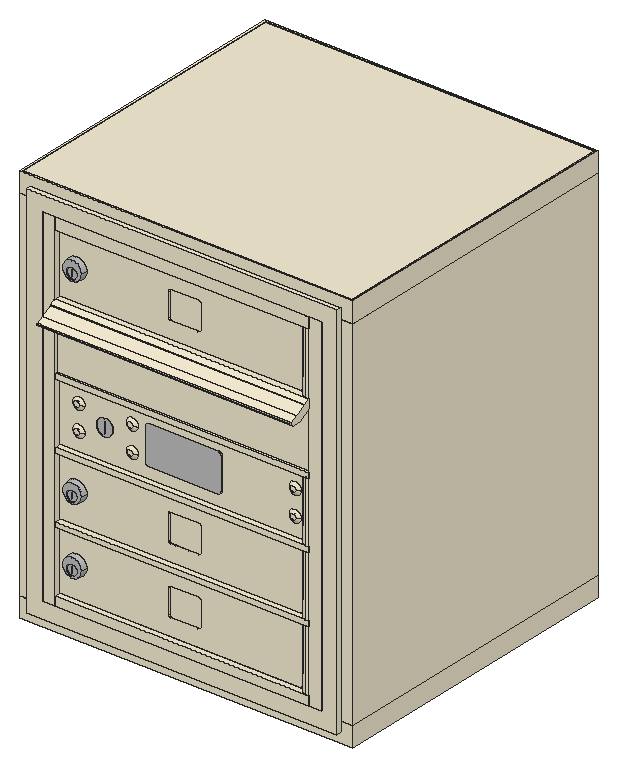
Revit family "Mailboxes_4C-Salsbury_Industries-Surface_Mounted-5_Door_High_Units", category Specialty Equipment, Revit 2016
Family settings
  Part Type = Normal
  Round Connector Dimension = Use Diameter
  OmniClass Number = 23.40.90.14.11
  OmniClass Title = Mail Boxes
  Work Plane-Based = No
  Always vertical = Yes
  Cut with Voids When Loaded = No
  Shared = No
  Room Calculation Point = No
Parameters (values of type "3805S-03")
  Width = 17.496"
  Visible Door Number [instance] = yes
  Version = "1.0 (06/30/17)"
  URL = "www.mailboxes.com"
  Type Comments = "Surface Mounted 4C Horizontal Mailboxes - Front Loading"
  OmniClass 23 Title = "Mail Boxes"
  OmniClass 23 Number = "23.40.90.14.11"
  Model = "3805S-03"
  MasterFormat Title = "Postal Specialties"
  MasterFormat Number = "10 55 00"
  Manufacturer = "Salsbury Industries"
  Lock Material = Stainless Steel - Salsbury Finish -  Polished
  Height = 21.094"
  Front Panel Material [instance] = Paint - Salsbury Finish - Sandstone
  Door Slot R5 Number [instance] = "3"
  Door Slot R4 Number [instance] = "2"
  Door Slot R3 Number [instance] = "0"
  Door Slot R2 Number [instance] = "0"
  Door Slot R1 Number [instance] = "1"
  Door Slot L5 Number [instance] = "0"
  Door Slot L4 Number [instance] = "0"
  Door Slot L3 Number [instance] = "0"
  Door Slot L2 Number [instance] = "0"
  Door Slot L1 Number [instance] = "0"
  Description = "5 Door High Unit:  3 MB1, OM2"
  Depth = 17.500"
  Assembly Description = "Mailboxes"
  Assembly Code = "C1030910"
  Above Finished Floor (Top of Bottom Shelf) [instance] = [Above Finished Floor (Bottom of Unit)] + 1.880"  # 28.000"
  Above Finished Floor (Bottom of Unit) = 26.120"
  4C Unit Height = 20.000"
  4C Unit Elevation = if([Above Finished Floor (Bottom of Unit)] < 13.683", [Above Finished Floor (Bottom of Unit)] + 0.563", (if([Above Finished Floor (Bottom of Unit)] > 13.683", [Above Finished Floor (Bottom of Unit)] + 0.563", [Above Finished Floor (Bottom of Unit)])))  # 26.683"
  4C Unit = Mailboxes_4C-Salsbury_Industries-Front_Load-5_Door_High_Units : 3705S-03 FL
Reference planes (in)
  plane 1 "Center (Front/Back)": y = 0
  plane 2 "Floor": z = 0
  plane 3 "Center (Left/Right)": x = 0
  plane 4 "Left Side of Unit": x = 8.748
  plane 5 "Right Side of Unit": x = -8.748
  plane 6 "Front of Unit": y = -8.75
  plane 7 "Back of Unit": y = 8.75
  plane 8 "Top of Unit": z = 47.214
  plane 9 "Top Trim Line of 4C Unit": z = 46.683
  plane 10 "Left Trim Line of Enclosure": x = 7.6855
  plane 11 "Right Trim Line of Enclosure": x = -7.685
  plane 12 "Alignment of 4C Unit": y = -7.375
  plane 13: x = -8.667
  plane 14: x = 8.667
  plane 15: y = 8.669
  plane 16: y = -7.294
  plane 17: x = -8.667
  plane 18: x = 8.667
  plane 19: y = -7.294
  plane 20: y = 8.669
  plane 21: x = -8.667
  plane 22: x = 8.667
  plane 23: y = 8.669
  plane 24: y = -7.294
  plane 25 "Bottom Trim Line of 4C Unit": z = 26.683
  plane 26 "4C Unit Side Alignment": x = -8.186
  plane 27: z = 26.201
  plane 28 "Bottom of Unit": z = 26.12
  plane 29 "Top of Bottom Cap": z = 27.183
  plane 30 "AFF": z = 28
  plane 31: z = 47.133
  plane 32 "Bottom of Top Cap": z = 46.152
Forms (in)
  Extrusion 1, solid, material "Paint - Salsbury Finish - Sandstone" <- "Front Panel Material"
    sketch origin (0, 0, 1.5) x (0, 1, 0) y (-1, 0, 0)
      loop
        line (-7.375, 7.685) -> (-7.294, 7.685) -> (-7.294, 8.667) -> (8.669, 8.667) -> (8.669, -8.667) -> (-7.294, -8.667) -> (-7.294, -7.6855) -> (-7.375, -7.6855) -> (-7.375, -8.748) -> (8.75, -8.748) -> (8.75, 8.748) -> (-7.375, 8.748) -> (-7.375, 7.685)
    from 25.683 to 44.652
  Extrusion 2, solid, material "Paint - Salsbury Finish - Sandstone" <- "Front Panel Material"
    sketch origin (0, 0, 26.12) x (0, -1, 0) y (1, 0, 0)
      loop
        line (-8.75, -8.748) -> (7.375, -8.748) -> (7.375, 8.748) -> (-8.75, 8.748) -> (-8.75, -8.748)
      loop
        line (-8.669, -8.667) -> (7.294, -8.667) -> (7.294, 8.667) -> (-8.669, 8.667) -> (-8.669, -8.667)
    from 0 to 1.063
  Extrusion 3, solid, material "Paint - Salsbury Finish - Sandstone" <- "Front Panel Material"
    sketch origin (0, 0, 26.12) x (0, -1, 0) y (1, 0, 0)
      loop
        line (-8.669, -8.667) -> (7.294, -8.667) -> (7.294, 8.667) -> (-8.669, 8.667) -> (-8.669, -8.667)
    from 0 to 0.081
  Extrusion 4, solid, material "Paint - Salsbury Finish - Sandstone" <- "Front Panel Material"
    sketch origin (0, 0, 47.214) x (0, -1, 0) y (1, 0, 0)
      loop
        line (-8.669, -8.667) -> (7.294, -8.667) -> (7.294, 8.667) -> (-8.669, 8.667) -> (-8.669, -8.667)
    from -0.081 to 0
  Extrusion 5, solid, material "Paint - Salsbury Finish - Sandstone" <- "Front Panel Material"
    sketch origin (0, 0, 46.152) x (0, -1, 0) y (1, 0, 0)
      loop
        line (-8.75, -8.748) -> (7.375, -8.748) -> (7.375, 8.748) -> (-8.75, 8.748) -> (-8.75, -8.748)
      loop
        line (-8.669, -8.667) -> (7.294, -8.667) -> (7.294, 8.667) -> (-8.669, 8.667) -> (-8.669, -8.667)
    from 0 to 1.062
Lines and regions (in)
  symbolic lines
    curve 1: line (-8.748, 8.75, 0) -> (8.748, 8.75, 0)
    curve 2: line (-8.748, -7.375, 0) -> (-8.748, 8.75, 0)
    curve 3: line (8.748, -7.375, 0) -> (-8.748, -7.375, 0)
    curve 4: line (8.748, 8.75, 0) -> (8.748, -7.375, 0)
    curve 5: line (0, -7.375, 46.68373) -> (0, 8.75, 46.68373)
    curve 6: line (0, -7.375, 27.183) -> (0, 8.75, 27.183)
    curve 7: line (0, 8.75, 32.76571) -> (0, 8.75, 46.68373)
    curve 8: arc (0, 8.75, 32.76571) -> (0, 8.72754, 32.83373) -> (0, 8.669, 32.875) r 0.11423
    curve 9: line (-8.748, 0, 47.214) -> (8.748, 0, 47.214)
    curve 10: line (-8.748, 0, 26.12) -> (-8.748, 0, 47.214)
    curve 11: line (8.748, 0, 26.12) -> (-8.748, 0, 26.12)
    curve 12: line (8.748, 0, 47.214) -> (8.748, 0, 26.12)
    curve 13: line (0, -7.375, 47.214) -> (0, 8.75, 47.214)
    curve 14: line (0, -7.375, 26.12) -> (0, -7.375, 47.214)
    curve 15: line (0, 8.75, 26.12) -> (0, -7.375, 26.12)
    curve 16: line (0, 8.75, 47.214) -> (0, 8.75, 26.12)
Dimensions and locks (in)
  equal spacing: plane 6 "Front of Unit", plane 1 "Center (Front/Back)", plane 7 "Back of Unit"
  "Depth": plane 6 "Front of Unit" to plane 7 "Back of Unit"
  equal spacing: plane 5 "Right Side of Unit", plane 3 "Center (Left/Right)", plane 4 "Left Side of Unit"
  "Width": plane 5 "Right Side of Unit" to plane 4 "Left Side of Unit"
  plane 2 "Floor" to plane 8 "Top of Unit" = 47.214"  (x2)
  locked: plane 5 "Right Side of Unit" to plane 11 "Right Trim Line of Enclosure" at 1.063
  locked: plane 10 "Left Trim Line of Enclosure" to plane 4 "Left Side of Unit" at 1.0625
  plane 9 "Top Trim Line of 4C Unit" to plane 8 "Top of Unit" = 0.531"  (x2)
  plane 6 "Front of Unit" to plane 12 "Alignment of 4C Unit" = 1.375"
  plane 5 "Right Side of Unit" to plane 13 = 0.081"
  plane 15 to plane 7 "Back of Unit" = 0.081"
  plane 14 to plane 4 "Left Side of Unit" = 0.081"
  plane 12 "Alignment of 4C Unit" to plane 16 = 0.081"
  plane 20 to plane 7 "Back of Unit" = 0.081"
  plane 5 "Right Side of Unit" to plane 17 = 0.081"
  plane 18 to plane 4 "Left Side of Unit" = 0.081"
  plane 12 "Alignment of 4C Unit" to plane 19 = 0.081"
  plane 12 "Alignment of 4C Unit" to plane 24 = 0.081"
  plane 22 to plane 4 "Left Side of Unit" = 0.081"
  plane 5 "Right Side of Unit" to plane 21 = 0.081"
  plane 23 to plane 7 "Back of Unit" = 0.081"
  "Height": plane 8 "Top of Unit" to plane 28 "Bottom of Unit"
  "4C Unit Height": plane 9 "Top Trim Line of 4C Unit" to plane 25 "Bottom Trim Line of 4C Unit"
  plane 29 "Top of Bottom Cap" to plane 25 "Bottom Trim Line of 4C Unit" to plane 27 to plane 28 "Bottom of Unit" = 0.500", 0.482", 0.081" locked
  "Above Finished Floor (Bottom of Unit)": plane 28 "Bottom of Unit" to plane 2 "Floor"
  "Above Finished Floor (Top of Bottom Shelf)": plane 30 "AFF" to plane 2 "Floor"
  plane 8 "Top of Unit" to plane 31 to plane 9 "Top Trim Line of 4C Unit" to plane 32 "Bottom of Top Cap" = 0.081", 0.450", 0.531"
  plane 5 "Right Side of Unit" to plane 26 "4C Unit Side Alignment" = 0.562"
  aligned and locked: level to plane 2 "Floor"
  aligned and locked: Extrusion 2 sketch curve to Extrusion 1  (x4)
  aligned and locked: Extrusion 3 sketch curve to Extrusion 1  (x3)
  aligned and locked: plane 11 "Right Trim Line of Enclosure" to Extrusion 1 sketch curve
  aligned and locked: Extrusion 1 sketch curve to plane 16
  aligned and locked: Extrusion 1 sketch curve to plane 12 "Alignment of 4C Unit"  (x2)
  aligned and locked: Extrusion 1 sketch curve to plane 5 "Right Side of Unit"
  aligned and locked: plane 13 to Extrusion 1 sketch curve
  aligned and locked: Extrusion 1 sketch curve to plane 15
  aligned and locked: plane 7 "Back of Unit" to Extrusion 1 sketch curve
  aligned and locked: plane 4 "Left Side of Unit" to Extrusion 1 sketch curve
  aligned and locked: Extrusion 1 sketch curve to plane 14
  aligned and locked: plane 16 to Extrusion 1 sketch curve
  aligned and locked: plane 10 "Left Trim Line of Enclosure" to Extrusion 1 sketch curve
  aligned and locked: plane 18 to Extrusion 2 sketch curve
  aligned and locked: Extrusion 2 sketch curve to plane 17
  aligned and locked: plane 20 to Extrusion 2 sketch curve
  aligned and locked: curve 1 to Extrusion 1
  aligned and locked: curve 2 to Extrusion 1
  aligned and locked: curve 4 to Extrusion 1
  aligned and locked: plane 12 "Alignment of 4C Unit" to Extrusion 1
  aligned and locked: Extrusion 1 to curve 6
  aligned and locked: plane 7 "Back of Unit" to curve 6
  aligned and locked: plane 12 "Alignment of 4C Unit" to curve 6
  aligned and locked: plane 28 "Bottom of Unit" to Extrusion 3
  aligned and locked: Extrusion 2 to Extrusion 3
  aligned and locked: Extrusion 2 to plane 29 "Top of Bottom Cap"
  aligned and locked: Extrusion 3 to plane 27
  aligned and locked: Extrusion 1 to Extrusion 2
  aligned and locked: Extrusion 4 to plane 8 "Top of Unit"
  aligned and locked: plane 31 to Extrusion 4
  aligned and locked: Extrusion 1 to Extrusion 4
  aligned and locked: plane 21 to Extrusion 4
  aligned and locked: Extrusion 1 to plane 32 "Bottom of Top Cap"
  aligned and locked: Extrusion 5 sketch curve to Extrusion 1  (x6)
  aligned and locked: Extrusion 5 sketch curve to Extrusion 2  (x2)
  aligned and locked: Extrusion 5 to plane 8 "Top of Unit"
  aligned and locked: Extrusion 5 to Extrusion 1
  aligned and locked: plane 26 "4C Unit Side Alignment" to nested 1
  aligned and locked: curve 11 to plane 28 "Bottom of Unit"
  aligned and locked: plane 4 "Left Side of Unit" to curve 12
  aligned and locked: curve 10 to plane 5 "Right Side of Unit"
  aligned and locked: plane 8 "Top of Unit" to curve 9
  aligned and locked: plane 7 "Back of Unit" to curve 16
  aligned and locked: curve 15 to plane 28 "Bottom of Unit"
  aligned and locked: plane 8 "Top of Unit" to curve 13
  aligned and locked: curve 14 to plane 12 "Alignment of 4C Unit"
Automatic sketch dimensions
  plane 12 "Alignment of 4C Unit" to curve 3 = 0.000"
  plane 24 to Extrusion 3 sketch curve = 0.000"
  Extrusion 4 sketch curve to plane 22 = 0.000"
  plane 23 to Extrusion 4 sketch curve = 0.000"
  Extrusion 4 sketch curve to plane 21 = 0.000"
  plane 24 to Extrusion 4 sketch curve = 0.000"
  plane 19 to Extrusion 2 sketch curve = 0.000"
  curve 8 to plane 23 = 0.000"
  curve 8 to plane 7 "Back of Unit" = 0.000"
  plane 23 to curve 8 = 0.03323"
  curve 8 to plane 30 "AFF" = 4.76571"
  curve 5 to plane 9 "Top Trim Line of 4C Unit" = 0.00073"
Nested families (in)
  nested 1: "Mailboxes_4C-Salsbury_Industries-Front_Load-5_Door_High_Units" at (7.36283, -7.375, 0) x (-1, 0, 0) z (0, 0, 1), built-in parameter 1001360 <- "4C Unit Elevation", type <- "4C Unit", Front Panel Material <- "Front Panel Material", Visible Door Number <- "Visible Door Number", Door Slot L1 Number <- "Door Slot L1 Number", Door Slot L2 Number <- "Door Slot L2 Number", Door Slot L3 Number <- "Door Slot L3 Number", Door Slot L4 Number <- "Door Slot L4 Number", Door Slot L5 Number <- "Door Slot L5 Number", Door Slot R1 Number <- "Door Slot R1 Number", Door Slot R2 Number <- "Door Slot R2 Number", Door Slot R3 Number <- "Door Slot R3 Number", Door Slot R4 Number <- "Door Slot R4 Number", Door Slot R5 Number <- "Door Slot R5 Number", type "3705S-03 FL"
    with Visible Door Number yes, Front Panel Material Paint - Salsbury Finish - Sandstone, Door Slot R5 Number "3", Door Slot R4 Number "2", Door Slot R3 Number "0", Door Slot R2 Number "0", Door Slot R1 Number "1", Door Slot L5 Number "0", Door Slot L4 Number "0", Door Slot L3 Number "0", Door Slot L2 Number "0", Door Slot L1 Number "0", built-in parameter 1001320 0.000"
Definition of nested family "Mailboxes_4C-Salsbury_Industries-Front_Load-5_Door_High_Units"
  Parameters (values of type "3705S-03 FL")
    Width = 16.344"
    URL = "www.mailboxes.com"
    OmniClass 23 Title = "Mail Boxes"
    OmniClass 23 Number = "23.40.90.14.11"
    Visible Door Number [instance] = yes
    Vertical Center Divider = no
    Version = "3.0 (06/30/17)"
    Type Comments = "4C Standard Horizontal Mailbox - Front Loading"
    Top Back Plate = yes
    Right Inside Wall = yes
    Model = "3705S-03 FL"
    MasterFormat Title = "Postal Specialties"
    MasterFormat Number = "10 55 00"
    Manufacturer = "Salsbury Industries"
    Mail Door Symbollic = yes
    Lock Material = none
    Left Inside Wall = yes
    Keynote = ""
    Height = 20.000"
    Front Panel Material [instance] = none
    Door Slot R5 Number [instance] = "3"
    Door Slot R5 = 3700 Series 4C Door Configurations : MB1 Door w/ Divider
    Door Slot R4 Number [instance] = "2"
    Door Slot R4 = 3700 Series 4C Door Configurations : MB1 Door w/ Divider
    Door Slot R3 Number [instance] = "0"
    Door Slot R3 = 3700 Series 4C OM2 Configuration : OM2-FL
    Door Slot R2 Number [instance] = "0"
    Door Slot R2 = 3700 Series 4C Door Configurations : Empty
    Door Slot R1 Number [instance] = "1"
    Door Slot R1 = 3700 Series 4C Door Configurations : MB1 Door
    Door Slot L5 Number [instance] = "0"
    Door Slot L5 = 3700 Series 4C Door Configurations : Empty
    Door Slot L4 Number [instance] = "0"
    Door Slot L4 = 3700 Series 4C Door Configurations : Empty
    Door Slot L3 Number [instance] = "0"
    Door Slot L3 = 3700 Series 4C Door Configurations : Empty
    Door Slot L2 Number [instance] = "0"
    Door Slot L2 = 3700 Series 4C Door Configurations : Empty
    Door Slot L1 Number [instance] = "0"
    Door Slot L1 = 3700 Series 4C Door Configurations : Empty
    Description = "5 Door High Unit:  3 MB1, OM2"
    Depth = 17.025"
    Default Elevation [instance] = 48.000"
    Center Extrusion Offset = 0.000"
    Bottom Back Plate = yes
    Back Enclosure Material = none
    Assembly Description = "Mailboxes"
    Assembly Code = "C1030910"
  Types (7): name | Width | Vertical Center Divider | Model | Mail Door Symbollic | Door Slot R5 Number | Door Slot R5 | Door Slot R4 Number | Door Slot R4 | Door Slot R3 | Door Slot R2 | Door Slot R1 Number | Door Slot R1 | Door Slot L5 Number | Door Slot L5 | Door Slot L4 Number | Door Slot L4 | Door Slot L3 Number | Door Slot L3 | Door Slot L2 Number | Door Slot L2 | Door Slot L1 Number | Door Slot L1 | Description
    3705D-08 FL | 31.09766" | yes | "3705D-08 FL" | yes | "8" | 3700 Series 4C Door Configurations : MB1 Door w/ Divider | "7" | 3700 Series 4C Door Configurations : MB1 Door w/ Divider | 3700 Series 4C OM2 Configuration : OM2-FL | 3700 Series 4C Door Configurations : Empty | "6" | 3700 Series 4C Door Configurations : MB1 Door | "5" | 3700 Series 4C Door Configurations : MB1 Door w/ Divider | "4" | 3700 Series 4C Door Configurations : MB1 Door w/ Divider | "3" | 3700 Series 4C Door Configurations : MB1 Door w/ Divider | "2" | 3700 Series 4C Door Configurations : MB1 Door w/ Divider | "1" | 3700 Series 4C Door Configurations : MB1 Door | "5 Door High Unit:  8 MB1, OM2"
    3705S-03 FL | 16.344" | no | "3705S-03 FL" | yes | "3" | 3700 Series 4C Door Configurations : MB1 Door w/ Divider | "2" | 3700 Series 4C Door Configurations : MB1 Door w/ Divider | 3700 Series 4C OM2 Configuration : OM2-FL | 3700 Series 4C Door Configurations : Empty | "1" | 3700 Series 4C Door Configurations : MB1 Door | "0" | 3700 Series 4C Door Configurations : Empty | "0" | 3700 Series 4C Door Configurations : Empty | "0" | 3700 Series 4C Door Configurations : Empty | "0" | 3700 Series 4C Door Configurations : Empty | "0" | 3700 Series 4C Door Configurations : Empty | "5 Door High Unit:  3 MB1, OM2"
    3705D-07 FL | 31.09766" | yes | "3705D-07 FL" | yes | "7" | 3700 Series 4C Door Configurations : MB1 Door w/ Divider | "0" | 3700 Series 4C OM3 Configuration : OM3-FL | 3700 Series 4C Door Configurations : Empty | 3700 Series 4C Door Configurations : Empty | "6" | 3700 Series 4C Door Configurations : MB1 Door | "5" | 3700 Series 4C Door Configurations : MB1 Door w/ Divider | "4" | 3700 Series 4C Door Configurations : MB1 Door w/ Divider | "3" | 3700 Series 4C Door Configurations : MB1 Door w/ Divider | "2" | 3700 Series 4C Door Configurations : MB1 Door w/ Divider | "1" | 3700 Series 4C Door Configurations : MB1 Door | "5 Door High Unit:  7 MB1, OM3"
    3705D-03 FL | 31.09766" | yes | "3705D-03 FL" | yes | "3" | 3700 Series 4C Door Configurations : MB1 Door w/ Divider | "2" | 3700 Series 4C Door Configurations : MB1 Door w/ Divider | 3700 Series 4C OM2 Configuration : OM2-FL | 3700 Series 4C Door Configurations : Empty | "1" | 3700 Series 4C Door Configurations : MB1 Door | "1P" | 3700 Series 4C Parcel Configurations : PL5 | "0" | 3700 Series 4C Door Configurations : Empty | "0" | 3700 Series 4C Door Configurations : Empty | "0" | 3700 Series 4C Door Configurations : Empty | "0" | 3700 Series 4C Door Configurations : Empty | "5 Door High Unit:  3 MB1, 1 PL5, OM2"
    3705D-01 FL | 31.09766" | yes | "3705D-01 FL" | yes | "1" | 3700 Series 4C Door Configurations : MB3 Door w/ Divider | "0" | 3700 Series 4C Door Configurations : Empty | 3700 Series 4C Door Configurations : Empty | 3700 Series 4C OM2 Configuration : OM2-FL | "0" | 3700 Series 4C Door Configurations : Empty | "1P" | 3700 Series 4C Parcel Configurations : PL5 | "0" | 3700 Series 4C Door Configurations : Empty | "0" | 3700 Series 4C Door Configurations : Empty | "0" | 3700 Series 4C Door Configurations : Empty | "0" | 3700 Series 4C Door Configurations : Empty | "5 Door High Unit:  1 MB3, 1 PL5, OM2"
    3705D-2P FL | 31.09766" | yes | "3705D-2P FL" | no | "2P" | 3700 Series 4C Parcel Configurations : PL5 | "0" | 3700 Series 4C Door Configurations : Empty | 3700 Series 4C Door Configurations : Empty | 3700 Series 4C Door Configurations : Empty | "0" | 3700 Series 4C Door Configurations : Empty | "1P" | 3700 Series 4C Parcel Configurations : PL5 | "0" | 3700 Series 4C Door Configurations : Empty | "0" | 3700 Series 4C Door Configurations : Empty | "0" | 3700 Series 4C Door Configurations : Empty | "0" | 3700 Series 4C Door Configurations : Empty | "5 Door High Unit:  2 PL5"
    3705S-1P FL | 16.344" | no | "3705S-1P FL" | no | "1P" | 3700 Series 4C Parcel Configurations : PL5 | "0" | 3700 Series 4C Door Configurations : Empty | 3700 Series 4C Door Configurations : Empty | 3700 Series 4C Door Configurations : Empty | "0" | 3700 Series 4C Door Configurations : Empty | "0" | 3700 Series 4C Door Configurations : Empty | "0" | 3700 Series 4C Door Configurations : Empty | "0" | 3700 Series 4C Door Configurations : Empty | "0" | 3700 Series 4C Door Configurations : Empty | "0" | 3700 Series 4C Door Configurations : Empty | "5 Door High Unit:  1 PL5"
  Reference planes (in)
    plane 1 "Wall Centerline": y = -3
    plane 2 "Center (Left/Right)": x = 0
    plane 3 "Front": y = 0
    plane 4 "15" AFF": z = 28
    plane 5 "28" AFF": z = 28
    plane 6 "36" AFF": z = 36
    plane 7 "48" AFF": z = 48
    plane 8 "Bottom of Unit": z = 26.683
    plane 9 "Top of Unit": z = 46.683
    plane 10 "Left Side of Unit": x = 15.54883
    plane 11 "Right Side of Unit": x = -0.79517
    plane 12 "28" AFF_Bottom of Unit": z = 26.683
    plane 13 "Top Horiz Trim Align": z = 45.85225
    plane 14 "Bottom Horiz Trim Align": z = 27.515
    plane 15 "Left Trim Align": x = 14.716
    plane 16 "Right Trim Align": x = 0.03766
    plane 17 "Left Door Align": x = 14.06641
    plane 18 "Right Door Align": x = 0.68725
    plane 19 "Top Horiz Door Align": z = 45.26125
    plane 20 "Bottom Horiz Door Align": z = 28
    plane 21 "Front Face of Unit": y = 0.265
    plane 22 "Top Housing Align": z = 46.179
    plane 23 "Top Collar Align": z = 46.031
    plane 24 "Top Box Align": z = 45.676
    plane 25 "Vertical Housing Align": y = -1.205
    plane 26 "Vertical Collar Align": y = -2.205
    plane 27 "Back of Unit": y = -16.76
    plane 28 "Bottom Housing Align": z = 27.187
    plane 29 "Bottom Collar Align": z = 27.335
    plane 30 "Bottom Box Align": z = 27.75
    plane 31 "Door Alignment": y = -0.33191
    plane 32 "Right Housing Align": x = -0.08817
    plane 33 "Right Collar Align": x = 1.34483
    plane 34 "Right Box Side Align": x = 1.67283
    plane 35 "Left Housing Align": x = 14.84183
    plane 36 "Left Collar Align": x = 13.40883
    plane 37 "Left Side Box Align": x = 13.08083
    plane 38 "Top Back Plate Align": z = 44.897
    plane 39 "Bottom Back Plate Align": z = 28.499
    plane 40 "Back": y = -6
    plane 41 "RO Left Side": x = 15.17383
    plane 42 "RO Right Side": x = -0.42017
    plane 43 "RO Bottom": z = 27.058
    plane 44 "RO Top": z = 46.308
    plane 45 "Horiz Centerline": z = 42.04237
    plane 46: z = 27.885
    plane 47: x = 12.99983
    plane 48: x = 12.92758
    plane 49 "Center Extrusion": x = 0
    plane 50 "Center Extrusion Offset": x = 0
    plane 51 "Row 5 Top Align": z = 31.5
    plane 52 "Row 4 Top Align": z = 35
    plane 53 "Row 3 Top Align": z = 38.5
    plane 54 "Row 2 Top Align": z = 42
    plane 55 "Row 16 Top Align-Private": z = 31.5
    plane 56 "Row 15 Top Align-Private": z = 35
    plane 57 "Row 14 Top Align-Private": z = 38.5
    plane 58 "Row 13 Top Align-Private": z = 42
    plane 59 "Row 12 Top Align-Private": z = 45.5
    plane 60 "Row 11 Top Align-Private": z = 49
    plane 61 "Row 10 Top Align-Private": z = 52.25
    plane 62 "Row 9 Top Align-Private": z = 55.75
    plane 63 "Row 8 Top Align-Private": z = 59.25
    plane 64 "Top of Face Gap": z = 61.25
    plane 65 "Top Latch Align": z = 37.376
    plane 66 "Bottom Latch Align": z = 36.05
    plane 67 "Right Latch Align": x = -0.69183
    plane 68 "Left Latch Align": x = 0.69098
    plane 69 "Latch Alignment Edge": x = -0.79517
    plane 70: x = -12.92783
    plane 71: x = -12.99983
    plane 72: y = -16.84203
    plane 73: x = -2
    plane 74: x = -0.7705
    plane 75: x = 0.7705
    plane 76: x = 2
    plane 77: y = -16.67797
    plane 78: x = -0.69098
    plane 79: x = 0.69183
    plane 80: z = 43.397
    plane 81: z = 29.999
    plane 82: z = 45.31729
    plane 83: z = 28.41625
    plane 84: z = 27.446
    plane 85: z = 28.055
    plane 86: y = -6
    plane 87: x = 14.06183
  Forms (in)
    Extrusion 1, solid, material <- "Front Panel Material"
      sketch origin (0, 0, 0) x (1, 0, 0) y (0, 0, 1)
        loop
          line (15.54883, 46.683) -> (-0.79517, 46.683) -> (-0.79517, 26.683) -> (15.54883, 26.683) -> (15.54883, 46.683)
      from -0.265 to 0
    Extrusion 2, void
      sketch origin (0, 0.265, 0.00774) x (0, 0, -1) y (-1, 0, 0)
        loop
          line (-45.84451, -14.716) -> (-27.50726, -14.716) -> (-27.50726, -0.03766) -> (-45.84451, -0.03766) -> (-45.84451, -14.716)
      from -0.265 to 0
    Extrusion 3, solid, material <- "Front Panel Material"
      sketch origin (14.98214, 0.265, -1.67978) x (0, 0, -1) y (-1, 0, 0)
        loop
          line (-47.53203, 14.94448) -> (-47.53203, 14.29489) -> (-29.19478, 14.29489) -> (-29.19478, 14.94448) -> (-47.53203, 14.94448)
      from 0 to -0.265
    Extrusion 4, solid, material <- "Front Panel Material"
      sketch origin (0, 0.265, 0) x (0, 0, -1) y (-1, 0, 0)
        loop
          line (-27.515, -14.06641) -> (-27.515, -0.68725) -> (-28, -0.68725) -> (-28, -14.06641) -> (-27.515, -14.06641)
      from -0.265 to 0
    Extrusion 5, solid, material <- "Front Panel Material"
      sketch origin (0, 0.265, 0) x (0, 0, -1) y (-1, 0, 0)
        loop
          line (-45.85225, -14.716) -> (-27.515, -14.716) -> (-27.515, -14.06641) -> (-45.85225, -14.06641) -> (-45.85225, -14.716)
      from 0 to -0.265
    Extrusion 6, solid, material <- "Front Panel Material"
      sketch origin (0, 0.265, 0) x (0, 0, -1) y (-1, 0, 0)
        loop
          line (-45.85225, -14.06641) -> (-45.26125, -14.06641) -> (-45.26125, -0.68725) -> (-45.85225, -0.68725) -> (-45.85225, -14.06641)
      from -0.265 to 0
    Extrusion 7, solid, material <- "Front Panel Material", visible <- "Vertical Center Divider"
      sketch origin (-0.77934, 0.265, 0) x (0, 0, 1) y (1, 0, 0)
        loop
          line (45.85225, 1.47033) -> (27.515, 1.47033) -> (27.515, 0.08752) -> (45.85225, 0.08752) -> (45.85225, 1.47033)
      from 0 to -1.47
    Extrusion 8, solid
      sketch origin (0, -6, 60) x (0, 0, 1) y (1, 0, 0)
        loop
          line (-60, -60) -> (60, -60) -> (60, 60) -> (-60, 60) -> (-60, -60)
      from 0 to 6
  Cuts and joins
    Extrusion 2 cuts Extrusion 1
  Lines and regions (in)
    model lines
      curve 1: line (15.54883, 0.265, 46.683) -> (14.716, 0.265, 45.85225)
      curve 2: line (-0.79517, 0.265, 46.683) -> (0.03766, 0.265, 45.85225)
      curve 3: line (-0.79517, 0.265, 26.683) -> (0.03766, 0.265, 27.515)
      curve 4: line (15.54883, 0.265, 26.683) -> (14.716, 0.265, 27.515)
    reference lines
      curve 5: line (0.68725, -0.33191, 26.683) -> (0.68725, -0.33191, 46.683)
      curve 6: line (14.06641, -0.33191, 26.683) -> (14.06641, -0.33191, 46.683)
    symbolic lines
      curve 7: line (-0.79517, 0.265, 28) -> (15.54883, 0.265, 28)
      curve 8: line (-0.79517, 0, 28) -> (-0.79517, 0.265, 28)
      curve 9: line (15.54883, 0, 28) -> (-0.79517, 0, 28)
      curve 10: line (15.54883, 0.265, 28) -> (15.54883, 0, 28)
    symbolic lines, visible <- "Mail Door Symbollic"
      curve 11: line (0.68725, 0.265, 28) -> (0.68725, 1.43, 28)
      curve 12: line (0.68725, 1.43, 28) -> (14.06183, 1.43, 28)
      curve 13: line (14.06183, 1.43, 28) -> (14.06183, 0.265, 28)
  Text (in)
    text "Placement Side" at (0, 40.15149, 123.01588), in view "Right"
    text "Placement Side" at (-58.6842, 42.74981, 0), in view "Ref. Level"
    text "Placement Side" at (0, 47.49176, 140.59947), in view "Left"
  Dimensions and locks (in)
    locked: plane 3 "Front" to Extrusion 8
    level to plane 4 "15" AFF" = 28.000"
    locked: level to plane 5 "28" AFF" at 28
    locked: level to plane 6 "36" AFF" at 36
    locked: level to plane 7 "48" AFF" at 48
    plane 8 "Bottom of Unit" to plane 4 "15" AFF" = 1.317"
    "Height": plane 8 "Bottom of Unit" to plane 9 "Top of Unit"
    plane 12 "28" AFF_Bottom of Unit" to plane 5 "28" AFF" = 1.317"
    locked: plane 15 "Left Trim Align" to plane 10 "Left Side of Unit" at 0.83283
    locked: plane 16 "Right Trim Align" to plane 11 "Right Side of Unit" at 0.83283
    locked: plane 13 "Top Horiz Trim Align" to plane 9 "Top of Unit" at 0.83075
    locked: plane 8 "Bottom of Unit" to plane 14 "Bottom Horiz Trim Align" at 0.832
    plane 17 "Left Door Align" to plane 15 "Left Trim Align" = 0.64959"
    locked: plane 18 "Right Door Align" to plane 16 "Right Trim Align" at 0.64959
    locked: plane 19 "Top Horiz Door Align" to plane 13 "Top Horiz Trim Align" at 0.591
    locked: plane 14 "Bottom Horiz Trim Align" to plane 20 "Bottom Horiz Door Align" at 0.485
    plane 20 "Bottom Horiz Door Align" to level = 28.000"
    plane 5 "28" AFF" to level = 28.000"
    plane 6 "36" AFF" to level = 36.000"
    plane 7 "48" AFF" to level = 48.000"
    plane 9 "Top of Unit" to plane 8 "Bottom of Unit" = 20.000"
    plane 21 "Front Face of Unit" to Extrusion 8 = 0.265"
    locked: Extrusion 8 to plane 25 "Vertical Housing Align" at 1.205
    locked: plane 25 "Vertical Housing Align" to plane 26 "Vertical Collar Align" at 1
    plane 25 "Vertical Housing Align" to plane 27 "Back of Unit" = 15.555"
    "Depth": plane 21 "Front Face of Unit" to plane 27 "Back of Unit"
    locked: plane 9 "Top of Unit" to plane 22 "Top Housing Align" at 0.504
    locked: plane 22 "Top Housing Align" to plane 23 "Top Collar Align" at 0.148
    locked: plane 23 "Top Collar Align" to plane 24 "Top Box Align" at 0.355
    locked: plane 28 "Bottom Housing Align" to plane 8 "Bottom of Unit" at 0.504
    locked: plane 29 "Bottom Collar Align" to plane 28 "Bottom Housing Align" at 0.148
    locked: plane 30 "Bottom Box Align" to plane 29 "Bottom Collar Align" at 0.415
    plane 24 "Top Box Align" to plane 30 "Bottom Box Align" = 17.926"  (x2)
    locked: plane 21 "Front Face of Unit" to plane 31 "Door Alignment" at 0.59691
    plane 11 "Right Side of Unit" to plane 32 "Right Housing Align" to plane 33 "Right Collar Align" to plane 34 "Right Box Side Align" = 0.707" locked, 1.433" locked, 0.328" locked
    plane 37 "Left Side Box Align" to plane 36 "Left Collar Align" to plane 35 "Left Housing Align" to plane 10 "Left Side of Unit" = 0.328" locked, 1.433" locked, 0.707" locked
    plane 11 "Right Side of Unit" to plane 32 "Right Housing Align" to plane 33 "Right Collar Align" to plane 34 "Right Box Side Align" = 0.707", 1.433", 0.328"
    plane 37 "Left Side Box Align" to plane 36 "Left Collar Align" to plane 35 "Left Housing Align" to plane 10 "Left Side of Unit" = 0.328", 1.433", 0.707"
    plane 9 "Top of Unit" to plane 24 "Top Box Align" = 1.007"
    plane 30 "Bottom Box Align" to plane 8 "Bottom of Unit" = 1.067"
    locked: plane 24 "Top Box Align" to plane 38 "Top Back Plate Align" at 0.779
    locked: plane 39 "Bottom Back Plate Align" to plane 30 "Bottom Box Align" at 0.749
    locked: plane 41 "RO Left Side" to plane 10 "Left Side of Unit" at 0.375
    locked: plane 42 "RO Right Side" to plane 11 "Right Side of Unit" at 0.375
    locked: plane 8 "Bottom of Unit" to plane 43 "RO Bottom" at 0.375
    locked: plane 44 "RO Top" to plane 9 "Top of Unit" at 0.375
    plane 46 to plane 30 "Bottom Box Align" = 0.135"
    plane 47 to plane 37 "Left Side Box Align" = 0.081"
    plane 48 to plane 47 = 0.07225"
    plane 18 "Right Door Align" to plane 17 "Left Door Align" = 13.37916"
    "Center Extrusion Offset": plane 49 "Center Extrusion" to plane 50 "Center Extrusion Offset"
    plane 20 "Bottom Horiz Door Align" to plane 51 "Row 5 Top Align" to plane 52 "Row 4 Top Align" to plane 53 "Row 3 Top Align" to plane 54 "Row 2 Top Align" = 3.500", 3.500" locked, 3.500" locked, 3.500" locked
    plane 4 "15" AFF" to plane 55 "Row 16 Top Align-Private" = 3.500"
    plane 55 "Row 16 Top Align-Private" to plane 56 "Row 15 Top Align-Private" to plane 57 "Row 14 Top Align-Private" to plane 58 "Row 13 Top Align-Private" to plane 59 "Row 12 Top Align-Private" to plane 60 "Row 11 Top Align-Private" to plane 61 "Row 10 Top Align-Private" to plane 62 "Row 9 Top Align-Private" to plane 63 "Row 8 Top Align-Private" = 3.500" locked, 3.500" locked, 3.500" locked, 3.500" locked, 3.500" locked, 3.250" locked, 3.500" locked, 3.500" locked
    locked: plane 63 "Row 8 Top Align-Private" to plane 64 "Top of Face Gap" at 2
    level to plane 8 "Bottom of Unit" = 26.683"
    locked: plane 67 "Right Latch Align" to plane 68 "Left Latch Align" at 1.38281
    plane 24 "Top Box Align" to plane 65 "Top Latch Align" = 8.300"
    plane 66 "Bottom Latch Align" to plane 30 "Bottom Box Align" = 8.300"
    plane 69 "Latch Alignment Edge" to plane 67 "Right Latch Align" = 0.10334"
    plane 71 to plane 70 to plane 34 "Right Box Side Align" = 0.072", 14.60066"
    plane 72 to plane 27 "Back of Unit" = 0.08203"
    plane 27 "Back of Unit" to plane 77 = 0.08203"
    plane 73 to plane 74 to plane 67 "Right Latch Align" to plane 50 "Center Extrusion Offset" = 1.2295", 0.07867", 0.69183"
    plane 50 "Center Extrusion Offset" to plane 68 "Left Latch Align" to plane 75 to plane 76 = 0.69098", 0.07952", 1.2295"
    plane 78 to plane 49 "Center Extrusion" to plane 79 = 0.69098" locked, 0.69183" locked
    plane 11 "Right Side of Unit" to Extrusion 1 = 16.344"
    plane 38 "Top Back Plate Align" to plane 80 = 1.500"
    plane 81 to plane 39 "Bottom Back Plate Align" = 1.500"
    locked: plane 82 to plane 24 "Top Box Align" at 0.35871
    plane 14 "Bottom Horiz Trim Align" to plane 83 = 0.90125"
    plane 84 to plane 30 "Bottom Box Align" to plane 85 = 0.304" locked, 0.305" locked
    plane 11 "Right Side of Unit" to plane 2 "Center (Left/Right)" to plane 10 "Left Side of Unit" = 0.79517", 15.54883"
    "Width": plane 11 "Right Side of Unit" to plane 10 "Left Side of Unit"
    locked: plane 18 "Right Door Align" to plane 87 at 13.37458
    aligned and locked: plane 8 "Bottom of Unit" to Extrusion 1 sketch curve
    aligned and locked: plane 10 "Left Side of Unit" to Extrusion 1 sketch curve
    aligned and locked: Extrusion 1 sketch curve to plane 11 "Right Side of Unit"
    aligned and locked: Extrusion 1 sketch curve to plane 9 "Top of Unit"
    aligned and locked: plane 21 "Front Face of Unit" to Extrusion 1
    aligned and locked: Extrusion 3 to plane 16 "Right Trim Align"
    aligned and locked: plane 18 "Right Door Align" to Extrusion 3
    aligned and locked: plane 13 "Top Horiz Trim Align" to Extrusion 3
    aligned and locked: Extrusion 4 to plane 14 "Bottom Horiz Trim Align"
    aligned and locked: Extrusion 4 to plane 17 "Left Door Align"
    aligned and locked: plane 20 "Bottom Horiz Door Align" to Extrusion 4
    aligned and locked: Extrusion 4 to plane 18 "Right Door Align"
    aligned and locked: plane 25 "Vertical Housing Align" to Extrusion 7
    aligned and locked: plane 21 "Front Face of Unit" to Extrusion 7
    aligned and locked: nested 1 to plane 54 "Row 2 Top Align"
    aligned and locked: nested 6 to plane 17 "Left Door Align"
    aligned and locked: nested 6 to plane 54 "Row 2 Top Align"
    aligned and locked: plane 31 "Door Alignment" to nested 6  (x2)
    aligned and locked: nested 7 to plane 17 "Left Door Align"
    aligned and locked: nested 7 to plane 53 "Row 3 Top Align"
    aligned and locked: plane 31 "Door Alignment" to nested 7  (x2)
    aligned and locked: nested 5 to curve 5
    aligned and locked: nested 3 to curve 5
    aligned and locked: nested 10 to curve 6
    aligned and locked: nested 9 to curve 6
    aligned and locked: nested 8 to curve 6
    aligned and locked: nested 7 to curve 6
    aligned and locked: nested 6 to curve 6
    aligned and locked: plane 31 "Door Alignment" to nested 5
    aligned and locked: plane 31 "Door Alignment" to nested 3
    aligned and locked: plane 31 "Door Alignment" to nested 8
    aligned and locked: plane 31 "Door Alignment" to nested 10
    aligned and locked: plane 31 "Door Alignment" to nested 2
    aligned and locked: plane 31 "Door Alignment" to nested 4
    aligned and locked: nested 1 to curve 5
    aligned and locked: nested 2 to curve 5
    aligned and locked: nested 4 to curve 5
    aligned and locked: plane 31 "Door Alignment" to nested 1
    aligned and locked: plane 11 "Right Side of Unit" to plane 69 "Latch Alignment Edge"
    aligned and locked: nested 1 to curve 11
    aligned and locked: plane 21 "Front Face of Unit" to cut or joined group of Extrusion 1, Extrusion 2
    aligned and locked: plane 3 "Front" to cut or joined group of Extrusion 1, Extrusion 2
    aligned and locked: plane 13 "Top Horiz Trim Align" to Extrusion 7
    aligned and locked: Extrusion 7 to plane 14 "Bottom Horiz Trim Align"
    aligned and locked: plane 67 "Right Latch Align" to Extrusion 7
    aligned and locked: Extrusion 7 to plane 68 "Left Latch Align"
    aligned and locked: plane 9 "Top of Unit" to curve 5
    aligned and locked: plane 8 "Bottom of Unit" to curve 5
    aligned and locked: plane 8 "Bottom of Unit" to curve 6
    aligned and locked: curve 6 to plane 17 "Left Door Align"
    aligned and locked: plane 10 "Left Side of Unit" to curve 1
    aligned and locked: plane 9 "Top of Unit" to curve 1
    aligned and locked: plane 15 "Left Trim Align" to curve 1
    aligned and locked: plane 13 "Top Horiz Trim Align" to curve 1
    aligned and locked: plane 11 "Right Side of Unit" to curve 2
    aligned and locked: plane 9 "Top of Unit" to curve 2
    aligned and locked: plane 16 "Right Trim Align" to curve 2
    aligned and locked: plane 13 "Top Horiz Trim Align" to curve 2
    aligned and locked: plane 10 "Left Side of Unit" to curve 4
    aligned and locked: plane 8 "Bottom of Unit" to curve 4
    aligned and locked: plane 15 "Left Trim Align" to curve 4
    aligned and locked: plane 14 "Bottom Horiz Trim Align" to curve 4
    aligned and locked: plane 8 "Bottom of Unit" to curve 3
    aligned and locked: plane 11 "Right Side of Unit" to curve 3
    aligned and locked: plane 16 "Right Trim Align" to curve 3
    aligned and locked: plane 14 "Bottom Horiz Trim Align" to curve 3
    aligned and locked: plane 52 "Row 4 Top Align" to nested 3
    aligned and locked: plane 52 "Row 4 Top Align" to nested 8
    aligned and locked: plane 51 "Row 5 Top Align" to nested 4
    aligned and locked: plane 51 "Row 5 Top Align" to nested 9
    aligned and locked: plane 31 "Door Alignment" to nested 9
    aligned and locked: plane 53 "Row 3 Top Align" to nested 2
    aligned and locked: plane 20 "Bottom Horiz Door Align" to nested 5
    aligned and locked: plane 20 "Bottom Horiz Door Align" to nested 10
    aligned and locked: plane 87 to curve 13
  Automatic sketch dimensions
    Extrusion 2 sketch curve to plane 13 "Top Horiz Trim Align" = 0.000"
    Extrusion 2 sketch curve to plane 14 "Bottom Horiz Trim Align" = 0.000"
    plane 15 "Left Trim Align" to Extrusion 2 sketch curve = 0.000"
    Extrusion 2 sketch curve to plane 16 "Right Trim Align" = 0.000"
    Extrusion 3 sketch curve to plane 13 "Top Horiz Trim Align" = 0.000"
    plane 14 "Bottom Horiz Trim Align" to Extrusion 3 sketch curve = 0.000"
    plane 16 "Right Trim Align" to Extrusion 3 sketch curve = 0.000"
    Extrusion 3 sketch curve to plane 18 "Right Door Align" = 0.000"
    plane 13 "Top Horiz Trim Align" to Extrusion 5 sketch curve = 0.000"
    Extrusion 5 sketch curve to plane 14 "Bottom Horiz Trim Align" = 0.000"
    Extrusion 5 sketch curve to plane 15 "Left Trim Align" = 0.000"
    plane 17 "Left Door Align" to Extrusion 5 sketch curve = 0.000"
    plane 13 "Top Horiz Trim Align" to Extrusion 6 sketch curve = 0.000"
    Extrusion 6 sketch curve to plane 17 "Left Door Align" = 0.000"
    Extrusion 6 sketch curve to plane 18 "Right Door Align" = 0.000"
    Extrusion 6 sketch curve to plane 19 "Top Horiz Door Align" = 0.000"
    plane 4 "15" AFF" to Extrusion 4 sketch curve = 0.000"
    Extrusion 4 sketch curve to plane 14 "Bottom Horiz Trim Align" = 0.000"
    Extrusion 4 sketch curve to plane 17 "Left Door Align" = 0.000"
    Extrusion 4 sketch curve to plane 18 "Right Door Align" = 0.000"
    plane 21 "Front Face of Unit" to curve 12 = 1.165"
    curve 9 to Extrusion 8 = 0.000"
    curve 9 to plane 11 "Right Side of Unit" = 0.000"
    curve 7 to plane 21 "Front Face of Unit" = 0.000"
    curve 6 to plane 9 "Top of Unit" = 0.000"
    curve 5 to plane 18 "Right Door Align" = 0.000"
    Extrusion 8 sketch curve to Extrusion 8 sketch curve = 120.000"  (x2)
    Extrusion 7 sketch curve to plane 14 "Bottom Horiz Trim Align" = 0.000"
    Extrusion 7 sketch curve to plane 13 "Top Horiz Trim Align" = 0.000"
    plane 67 "Right Latch Align" to Extrusion 7 sketch curve = 0.000"
    plane 68 "Left Latch Align" to Extrusion 7 sketch curve = 0.000"
    curve 9 to plane 10 "Left Side of Unit" = 0.000"
  Nested families (in)
    nested 1: "3700 Series 4C Door Configurations" at (7.37475, -0.20495, 42) x (-1, 0, 0) z (0, 0, 1), type <- "Door Slot R1", Door Number <- "Door Slot R1 Number", type "MB1 Door"
      with Door Number "1"
    nested 2: "3700 Series 4C Door Configurations" at (7.37475, -0.20495, 38.5) x (-1, 0, 0) z (0, 0, 1), type <- "Door Slot R2", Door Number <- "Door Slot R2 Number", type "Empty"
      with Door Number "0"
    nested 3: "3700 Series 4C OM2 Configuration" at (7.37475, -0.20495, 35) x (-1, 0, 0) z (0, 0, 1), type <- "Door Slot R3", Door Number <- "Door Slot R3 Number", type "OM2-FL"
      with Door Number "0"
    nested 4: "3700 Series 4C Door Configurations" at (7.37475, -0.20495, 31.5) x (-1, 0, 0) z (0, 0, 1), type <- "Door Slot R4", Door Number <- "Door Slot R4 Number", type "MB1 Door w/ Divider"
      with Door Number "2"
    nested 5: "3700 Series 4C Door Configurations" at (7.37475, -0.20495, 28) x (-1, 0, 0) z (0, 0, 1), type <- "Door Slot R5", Door Number <- "Door Slot R5 Number", type "MB1 Door w/ Divider"
      with Door Number "3"
    nested 6: "3700 Series 4C Door Configurations" at (7.37891, -0.20495, 42) x (-1, 0, 0) z (0, 0, 1), type <- "Door Slot L1", Door Number <- "Door Slot L1 Number", type "Empty"
      with Door Number "0"
    nested 7: "3700 Series 4C Door Configurations" at (7.37891, -0.20495, 38.5) x (-1, 0, 0) z (0, 0, 1), type <- "Door Slot L2", Door Number <- "Door Slot L2 Number", type "Empty"
      with Door Number "0"
    nested 8: "3700 Series 4C Door Configurations" at (7.37891, -0.20495, 35) x (-1, 0, 0) z (0, 0, 1), type <- "Door Slot L3", Door Number <- "Door Slot L3 Number", type "Empty"
      with Door Number "0"
    nested 9: "3700 Series 4C Door Configurations" at (7.37891, -0.20495, 31.5) x (-1, 0, 0) z (0, 0, 1), type <- "Door Slot L4", Door Number <- "Door Slot L4 Number", type "Empty"
      with Door Number "0"
    nested 10: "3700 Series 4C Door Configurations" at (7.37891, -0.20495, 28) x (-1, 0, 0) z (0, 0, 1), type <- "Door Slot L5", Door Number <- "Door Slot L5 Number", type "Empty"
      with Door Number "0"
  Definition of nested family "3700 Series 4C Door Configurations"
    Parameters (values of type "MB3 Door")
      Weight = "15 lbs."
      Visible Door Number = yes
      URL = ""
      Model = "3700MB3"
      Manufacturer = "Salsbury Industries"
      Lock Material = none
      Inset Offset = 0.000"
      Front Panel Material = none
      Door Width = 13.375"
      Door Visibility-MB1 = yes
      Door Number [instance] = "101"
      Door Lock = yes
      Door Height = 10.23047"
      Door Divider = no
      Door Depth = 0.25391"
      Description = "MB3 Door for 3700 Series 4C Mailboxes"
      Cost = 0
      Center Lock-Vertical = 0.875"
      Center Lock-Horizontal = 1.61523"
    Types (11): name | Weight | Visible Door Number | Model | Inset Offset | Door Visibility-MB1 | Door Lock | Door Height | Door Divider | Description
      MB1 Door w/ Divider | "5 lbs." | yes | "3700MB1" | 0.000" | yes | yes | 3.23047" | yes | "MB1 Door for 3700 Series 4C Mailboxes"
      MB1 Door | "5 lbs." | yes | "3700MB1" | 0.000" | yes | yes | 3.23047" | no | "MB1 Door for 3700 Series 4C Mailboxes"
      MB2 Door | "10 lbs." | yes | "3700MB2" | 0.000" | yes | yes | 6.73047" | no | "MB2 Door for 3700 Series 4C Mailboxes"
      MB2 Door w/ Divider | "10 lbs." | yes | "3700MB2" | 0.000" | yes | yes | 6.73047" | yes | "MB2 Door for 3700 Series 4C Mailboxes"
      MB3 Door | "15 lbs." | yes | "3700MB3" | 0.000" | yes | yes | 10.23047" | no | "MB3 Door for 3700 Series 4C Mailboxes"
      MB3 Door w/ Divider | "15 lbs." | yes | "3700MB3" | 0.000" | yes | yes | 10.23047" | yes | "MB3 Door for 3700 Series 4C Mailboxes"
      MB4 Door | "20 lbs." | yes | "3700MB4" | 0.000" | yes | yes | 13.73047" | no | "MB4 Door for 3700 Series 4C Mailboxes"
      MB4 Door w/ Divider | "20 lbs." | yes | "3700MB4" | 0.000" | yes | yes | 13.73047" | yes | "MB4 Door for 3700 Series 4C Mailboxes"
      Blank Door | "5 lbs." | no | "3700MB1" | 0.18359" | yes | no | 3.23047" | no | "MB1 Door for 3700 Series 4C Mailboxes"
      Blank Door w/ Divider | "5 lbs." | no | "3700MB1" | 0.18402" | yes | no | 3.23047" | yes | "MB1 Door for 3700 Series 4C Mailboxes"
      Empty | "5 lbs." | no | "Empty MB1" | 0.18359" | no | no | 3.23047" | no | "Empty MB1 Door for 3700 Series 4C Mailboxes"
    Reference planes (in)
      plane 1 "Center (Front/Back)": y = 0
      plane 2 "Bottom of Door": z = 0
      plane 3 "Center (Left/Right)": x = 0
      plane 4 "Left Side Face of Door": x = -6.6875
      plane 5 "Right Side Face of Door": x = 6.6875
      plane 6 "Back Face of Door": y = 0.12695
      plane 7 "Front Face of Door": y = -0.12695
      plane 8: z = 10.23047
      plane 9: z = 5.11523
      plane 10 "Face of Divider": y = -0.46995
      plane 11 "Center Lock Vertical": x = -5.8125
      plane 12 "Center Lock Horizontal": z = 1.61523
      plane 13 "Face of Lock": y = -0.42383
      plane 14 "Divider Height Align": z = 10.50047
      plane 15 "Inset Center": x = -0.0975
      plane 16 "Inset Offset": y = -0.12695
      plane 17: z = 5.49038
      plane 18: z = 4.74072
    Forms (in)
      Extrusion 1, solid, material <- "Front Panel Material", visible <- "Door Visibility-MB1"
        sketch origin (0, 0, 0) x (1, 0, 0) y (0, 1, 0)
          loop
            line (-6.4355, 0.12695) -> (-6.6875, -0.05445) -> (-6.6875, -0.12695) -> (6.05625, -0.12695)
            arc (6.05625, -0.12695) -> (6.19558, -0.17661) -> (6.27209, -0.3032) r 0.22029
            arc (6.27209, -0.3032) -> (6.3553, -0.42132) -> (6.4925, -0.46664) r 0.23034
            arc (6.4925, -0.46664) -> (6.63039, -0.40952) -> (6.6875, -0.27164) r 0.195
            line (6.6875, -0.27164) -> (6.6875, 0.12695) -> (-6.4355, 0.12695)
        from 0 to 10.23047
      Blend 2, solid, material <- "Lock Material", visible <- "Door Lock"
        base sketch origin (0, -0.12695, 0) x (-1, 0, 0) y (0, 0, 1)
          loop
            circle (5.8125, 5.11523) r 0.525
        top sketch origin (0, -0.12695, 0) x (-1, 0, 0) y (0, 0, 1)
          loop
            circle (5.8125, 5.11523) r 0.485
        from 0 to -0.29688
      Extrusion 3, solid, material <- "Front Panel Material", visible <- "Door Divider"
        sketch origin (0, 0, 10.50047) x (-1, 0, 0) y (0, -1, 0)
          loop
            line (6.6875, -0.12695) -> (6.6875, 0.46995) -> (-6.6875, 0.46995) -> (-6.6875, -0.12695) -> (6.6875, -0.12695)
        from -0.27 to 0
      Extrusion 4, void, detail levels fine
        sketch origin (0, -0.42383, 0) x (1, 0, 0) y (0, 0, 1)
          loop
            circle (-5.8125, 4.99523) r 0.285
        from 0 to -0.01562
      Extrusion 5, void, detail levels fine
        sketch origin (0, -0.42383, 0) x (1, 0, 0) y (0, 0, 1)
          loop
            line (-5.84183, 5.12353) -> (-5.84183, 4.82353) -> (-5.78183, 4.82353) -> (-5.78183, 5.12353) -> (-5.84183, 5.12353)
        from 0 to -0.03906
      Extrusion 6, void, detail levels fine
        sketch origin (0, -0.12695, 0) x (0, 0, 1) y (-1, 0, 0)
          loop
            arc (5.86523, 0.8475) -> (5.82862, 0.93589) -> (5.74023, 0.9725) r 0.125
            line (5.74023, 0.9725) -> (4.49023, 0.9725)
            arc (4.49023, 0.9725) -> (4.40185, 0.93589) -> (4.36523, 0.8475) r 0.125
            line (4.36523, 0.8475) -> (4.36523, -0.6525)
            arc (4.36523, -0.6525) -> (4.40185, -0.74089) -> (4.49023, -0.7775) r 0.125
            line (4.49023, -0.7775) -> (5.74023, -0.7775)
            arc (5.74023, -0.7775) -> (5.82862, -0.74089) -> (5.86523, -0.6525) r 0.125
            line (5.86523, -0.6525) -> (5.86523, 0.8475)
        from 0 to -0.03906
    Cuts and joins
      Extrusion 4, Extrusion 5 cuts Blend 2
      Extrusion 6 cuts Extrusion 1
    Lines and regions (in)
      symbolic lines
        curve 1: circle (-5.8125, 0, 5.11523) r 0.53054 normal (0, -1, 0)
    Dimensions and locks (in)
      equal spacing: plane 6 "Back Face of Door", plane 1 "Center (Front/Back)", plane 7 "Front Face of Door"
      "Door Depth": plane 6 "Back Face of Door" to plane 7 "Front Face of Door"
      equal spacing: plane 4 "Left Side Face of Door", plane 3 "Center (Left/Right)", plane 5 "Right Side Face of Door"  (x2)
      "Door Width": plane 4 "Left Side Face of Door" to plane 5 "Right Side Face of Door"
      locked: plane 7 "Front Face of Door" to plane 10 "Face of Divider" at 0.343
      "Center Lock-Vertical": plane 4 "Left Side Face of Door" to plane 11 "Center Lock Vertical"
      "Inset Offset": plane 16 "Inset Offset" to plane 7 "Front Face of Door"
      plane 4 "Left Side Face of Door" to plane 5 "Right Side Face of Door" = 13.375"
      plane 6 "Back Face of Door" to plane 10 "Face of Divider" = 0.59691"
      "Door Height": plane 8 to plane 2 "Bottom of Door"
      equal spacing: plane 8, plane 9, plane 2 "Bottom of Door"
      locked: plane 14 "Divider Height Align" to plane 8 at 0.27
      plane 17 to plane 9 to plane 18 = 0.37515" locked, 0.37452" locked
      aligned and locked: level to plane 2 "Bottom of Door"
      aligned and locked: plane 4 "Left Side Face of Door" to Extrusion 1
      aligned and locked: plane 6 "Back Face of Door" to Extrusion 1
      aligned and locked: plane 7 "Front Face of Door" to Extrusion 1
      aligned and locked: plane 8 to Extrusion 1
      aligned and locked: Extrusion 3 sketch curve to plane 4 "Left Side Face of Door"
      aligned and locked: Extrusion 3 sketch curve to plane 6 "Back Face of Door"
      aligned and locked: plane 5 "Right Side Face of Door" to Extrusion 3 sketch curve
      aligned and locked: Extrusion 3 to plane 8
      aligned and locked: plane 10 "Face of Divider" to Extrusion 3 sketch curve
      aligned and locked: plane 14 "Divider Height Align" to Extrusion 3
      aligned and locked: cut or joined group of Extrusion 1, Extrusion 6 to plane 2 "Bottom of Door"
      aligned and locked: plane 18 to text3d elem
    Automatic sketch dimensions
      Extrusion 1 sketch curve to plane 4 "Left Side Face of Door" = 0.000"
      Extrusion 1 sketch curve to plane 6 "Back Face of Door" = 0.000"
      Extrusion 1 sketch curve to plane 7 "Front Face of Door" = 0.000"
      Extrusion 1 sketch curve to plane 5 "Right Side Face of Door" = 0.000"
      Extrusion 1 sketch curve to plane 4 "Left Side Face of Door" = 0.252"
      plane 5 "Right Side Face of Door" to Extrusion 1 sketch curve = 0.63125"
      Extrusion 1 sketch curve to plane 7 "Front Face of Door" = 0.10935"
      plane 5 "Right Side Face of Door" to Extrusion 1 sketch curve = 0.195"
      Extrusion 1 sketch curve to plane 7 "Front Face of Door" = 0.14468"
      plane 10 "Face of Divider" to Extrusion 1 sketch curve = 0.12271"
      plane 1 "Center (Front/Back)" to Extrusion 1 sketch curve = 0.05445"
      plane 10 "Face of Divider" to Extrusion 1 sketch curve = 0.16676"
      Blend 2 sketch curve to plane 9 = 0.000"  (x2)
      plane 11 "Center Lock Vertical" to Blend 2 sketch curve = 0.000"  (x2)
      plane 11 "Center Lock Vertical" to Extrusion 4 sketch curve = 0.000"
      Extrusion 4 sketch curve to plane 9 = 0.120"
      Extrusion 4 sketch curve to Extrusion 4 sketch curve = 0.285"
      plane 11 "Center Lock Vertical" to Extrusion 5 sketch curve = 0.02933"
      Extrusion 5 sketch curve to plane 11 "Center Lock Vertical" = 0.03067"
      Extrusion 5 sketch curve to plane 9 = 0.2917"
      plane 9 to Extrusion 5 sketch curve = 0.0083"
      Extrusion 6 sketch curve to plane 9 = 0.750"
      Extrusion 6 sketch curve to Extrusion 6 sketch curve = 0.125"  (x3)
      plane 9 to Extrusion 6 sketch curve = 0.625"  (x2)
      plane 3 "Center (Left/Right)" to Extrusion 6 sketch curve = 0.7775"
      plane 15 "Inset Center" to Extrusion 6 sketch curve = 0.750"
      curve 1 to plane 9 = 0.000"
      plane 11 "Center Lock Vertical" to curve 1 = 0.000"
      radius of Blend 2 sketch curve = 0.525"
      radius of Blend 2 sketch curve = 0.485"
      radius of curve 1 = 0.53054"
  Definition of nested family "3700 Series 4C OM2 Configuration"
    Parameters (values of type "OM2-FL")
      Weight = ""
      URL = ""
      Access Lock Offset = 0.000"
      Access Lock = yes
      Model = "3700OM2-FL"
      Manufacturer = "Salsbury Industries"
      Lock Material = none
      Front Panel Material = none
      Door Width = 13.375"
      Door Number [instance] = "101"
      Door Height = 7.00047"
      Door Depth = 0.25391"
      Description = "OM2 Door for 3700 Series 4C Mailboxes-Front Loading"
      Cost = 0
      Center Lock-Vertical = 2.360"
      Center Lock-Horizontal = 1.61523"
    Types (3): name | Access Lock Offset | Access Lock | Model | Description
      (no name) | 0.000" | yes | "3700OM2-FL" | "OM2 Door for 3700 Series 4C Mailboxes-Front Loading"
      OM2-FL | 0.000" | yes | "3700OM2-FL" | "OM2 Door for 3700 Series 4C Mailboxes-Front Loading"
      OM2-RL | 0.3125" | no | "3700OM2-RL" | "OM2 Door for 3700 Series 4C Mailboxes-Rear Loading"
    Reference planes (in)
      plane 1 "Center (Front/Back)": y = 0
      plane 2 "Bottom of Door": z = 0
      plane 3 "Center (Left/Right)": x = 0
      plane 4 "Left Side Face of Door": x = -6.6875
      plane 5 "Right Side Face of Door": x = 6.6875
      plane 6 "Back Face of Door": y = 0.12695
      plane 7 "Front Face of Door": y = -0.12695
      plane 8: z = 3.23047
      plane 9: z = 1.61523
      plane 10: y = -0.46995
      plane 11 "Center Lock Vertical": x = -4.3275
      plane 12 "Center Lock Horizontal": z = 1.61523
      plane 13 "Face of Lock": y = -0.42383
      plane 14 "Divider Height Align": z = 3.50047
      plane 15 "Plate Center": x = -0.16063
      plane 16 "Left Stud Align": x = -5.7025
      plane 17 "Right Stud Align": x = -2.8895
      plane 18 "Top Stud Align": z = 2.27147
      plane 19 "Bottom Stud Align": z = 0.95947
      plane 20 "Hinge Stud Align": x = 5.6875
      plane 21 "Mail Plate Top": z = 2.61547
      plane 22 "Mail Plate Bottom": z = 0.61547
      plane 23: x = -2.1595
      plane 24: x = 1.8405
      plane 25 "Face of Mail Plate": y = -0.16602
      plane 26 "Top of Mail Drop Door": z = 6.73094
      plane 27 "Top of Mail Drop Divider": z = 7.00047
      plane 28 "Face of Mail Drop": y = -0.31995
      plane 29 "Top of Mail Slot": z = 6.42087
      plane 30 "Bottom of Mail Slot": z = 5.67087
      plane 31 "Left Edge of Mail Slot": x = -5.3755
      plane 32 "Right Edge of Mail Slot": x = 5.3755
      plane 33 "Mail Slot Bottom Protusion": z = 6.50987
      plane 34: y = -0.49395
      plane 35: z = 6.15637
      plane 36 "Front of Awning": y = -1.63495
      plane 37: y = -1.15685
      plane 38 "Mail Slot Slope": through (-240, -0.44582, 6.9722) normal (0, -0.5, 0.866)
      plane 39 "Access Lock Offset": y = 0.12695
    Forms (in)
      Extrusion 1, solid, material <- "Front Panel Material"
        sketch origin (0, 0, 0) x (1, 0, 0) y (0, 1, 0)
          loop
            line (-6.4355, 0.12695) -> (-6.6875, -0.05445) -> (-6.6875, -0.12695) -> (6.05625, -0.12695)
            arc (6.05625, -0.12695) -> (6.19558, -0.17661) -> (6.27209, -0.3032) r 0.22029
            arc (6.27209, -0.3032) -> (6.3553, -0.42132) -> (6.4925, -0.46664) r 0.23034
            arc (6.4925, -0.46664) -> (6.63039, -0.40952) -> (6.6875, -0.27164) r 0.195
            line (6.6875, -0.27164) -> (6.6875, 0.12695) -> (-6.4355, 0.12695)
        from 0 to 3.23047
      Extrusion 2, solid, material <- "Front Panel Material"
        sketch origin (0, 0, 3.50047) x (-1, 0, 0) y (0, -1, 0)
          loop
            line (6.6875, -0.12695) -> (6.6875, 0.46995) -> (-6.6875, 0.46995) -> (-6.6875, -0.12695) -> (6.6875, -0.12695)
        from -0.27 to 0
      Extrusion 3, void
        sketch origin (0, 0.12695, 0) x (0, 0, -1) y (-1, 0, 0)
          loop
            circle (-1.61523, 4.3275) r 0.4375
        from 0 to -0.25391
      Extrusion 4, solid, material <- "Lock Material", visible <- "Access Lock"
        sketch origin (0, 0.12695, 0) x (0, 0, -1) y (-1, 0, 0)
          loop
            circle (-1.61523, 4.3275) r 0.42913
        from 0 to -0.25391
      Extrusion 5, void, detail levels fine
        sketch origin (0, 0.12695, 3.4) x (-1, 0, 0) y (0, 0, 1)
          loop
            line (4.3568, -1.47517) -> (4.2982, -1.47517) -> (4.2982, -2.09436) -> (4.3568, -2.09436) -> (4.3568, -1.47517)
        from -0.12695 to -0.25391
      Blend 6, solid, material <- "Front Panel Material", detail levels medium+fine
        base sketch origin (0, -0.12695, 2.68123) x (-1, 0, 0) y (0, 0, 1)
          loop
            circle (5.7025, -0.40977) r 0.15665
        top sketch origin (0, -0.12695, 2.68123) x (-1, 0, 0) y (0, 0, 1)
          loop
            circle (5.7025, -0.40977) r 0.3125
        from -0.11328 to 0
      Blend 7, solid, material <- "Front Panel Material", detail levels medium+fine
        base sketch origin (1.3125, -0.12695, 2.68123) x (-1, 0, 0) y (0, 0, 1)
          loop
            circle (4.202, -0.40977) r 0.15665
        top sketch origin (1.3125, -0.12695, 2.68123) x (-1, 0, 0) y (0, 0, 1)
          loop
            circle (4.202, -0.40977) r 0.3125
        from -0.11328 to 0
      Blend 8, solid, material <- "Front Panel Material", detail levels medium+fine
        base sketch origin (0, -0.12695, 1.36923) x (-1, 0, 0) y (0, 0, 1)
          loop
            circle (5.7025, -0.40977) r 0.15665
        top sketch origin (0, -0.12695, 1.36923) x (-1, 0, 0) y (0, 0, 1)
          loop
            circle (5.7025, -0.40977) r 0.3125
        from -0.11328 to 0
      Blend 9, solid, material <- "Front Panel Material", detail levels medium+fine
        base sketch origin (1.3125, -0.12695, 1.36923) x (-1, 0, 0) y (0, 0, 1)
          loop
            circle (4.202, -0.40977) r 0.15665
        top sketch origin (1.3125, -0.12695, 1.36923) x (-1, 0, 0) y (0, 0, 1)
          loop
            circle (4.202, -0.40977) r 0.3125
        from -0.11328 to 0
      Blend 10, solid, material <- "Front Panel Material", detail levels medium+fine
        base sketch origin (9.8895, -0.12695, 2.68123) x (-1, 0, 0) y (0, 0, 1)
          loop
            circle (4.202, -0.40977) r 0.15665
        top sketch origin (9.8895, -0.12695, 2.68123) x (-1, 0, 0) y (0, 0, 1)
          loop
            circle (4.202, -0.40977) r 0.3125
        from -0.11328 to 0
      Blend 11, solid, material <- "Front Panel Material", detail levels medium+fine
        base sketch origin (9.8895, -0.12695, 1.36923) x (-1, 0, 0) y (0, 0, 1)
          loop
            circle (4.202, -0.40977) r 0.15665
        top sketch origin (9.8895, -0.12695, 1.36923) x (-1, 0, 0) y (0, 0, 1)
          loop
            circle (4.202, -0.40977) r 0.3125
        from -0.11328 to 0
      Extrusion 12, solid, material <- "Lock Material"
        sketch origin (0, -0.12695, 0) x (-1, 0, 0) y (0, 0, 1)
          loop
            line (1.96028, 2.61547) -> (-1.64128, 2.61547)
            arc (-1.64128, 2.61547) -> (-1.78215, 2.55712) -> (-1.8405, 2.41625) r 0.19922
            line (-1.8405, 2.41625) -> (-1.8405, 0.81469)
            arc (-1.8405, 0.81469) -> (-1.78215, 0.67382) -> (-1.64128, 0.61547) r 0.19922
            line (-1.64128, 0.61547) -> (1.96028, 0.61547)
            arc (1.96028, 0.61547) -> (2.10115, 0.67382) -> (2.1595, 0.81469) r 0.19922
